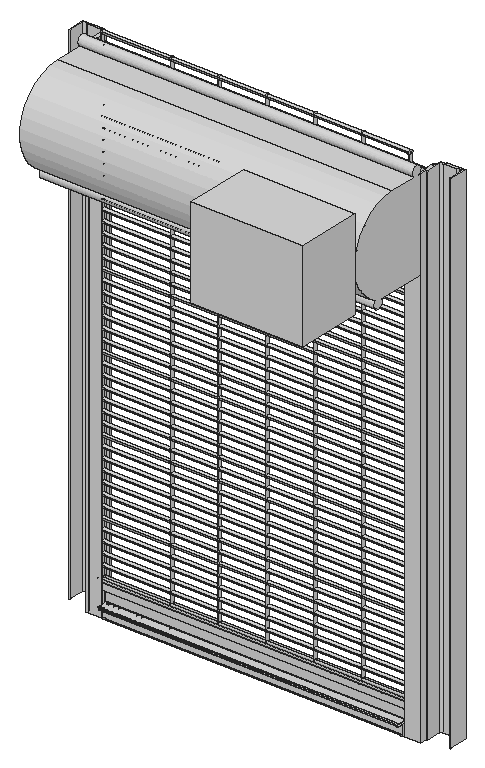
Revit family
Parameters (values of type "Motor Operated, Aluminium (Mill Finish), 9" Vertical Spacing")
  Spec Wizard = "http://www.clopaydoor.com/Quick-Specs-Wizard.aspx"
  Sizing Disclaimer = "Openings up to 40’ wide x 20’ high standard construction. Consult Clopay for larger sizes. "  # constant formula
  Sales Information = "http://www.clopaydoor.com/where-to-buy.aspx?type=dealer&stype=commercial"
  Product Options = "Open Curtain Brick Pattern, Glazed Curtain, Injection molded link curtain. High Cycle Construction (>20/day)"  # constant formula
  Product Features and Benefits = "http://www.clopaydoor.com/sliding-applications.aspx"
  Motor = yes
  Manufacturer Website = "http://www.clopaydoor.com"
  Manufacturer Phone Number = "1-800-526-4301"
  Manufacturer Address = "1400 W. Market St., Troy, OH 45373"
  Hood Width = Width - (2 * 0' 10")  # 4' - 4"
  Hand Crank = no
  Function = (empty or 0)
  File Revision = "00 (Feb, 2011)"
  Curtain Rods 2In OC Standard = Aluminum, mill finish
  CAD and Specifications = "http://www.clopaydoor.com/sliding-specs.aspx"
  Bottom Bar = Aluminum, mill finish
  Guides = Aluminum, mill finish
  Hood = Aluminum, mill finish
  Mounting = "Between Jambs"  # constant formula
  Wall Construction = "Self supporting tubes, Masonry, Steel or Wood"  # constant formula
  Vertical Spacing = 0' - 2"  # constant formula
  URL = "http://www.clopaydoor.com"
  Subcategory = "Roll Up"
  Shutter Width = Width - 2 * 0' 7"  # 4' - 10"
  Shutter Height = Height - 0' 4 205/256"  # 7' - 7 51/256"
  Optional aluminum, color anodized finish = no
  Operator Height = 5' - 4"
  Operator = Operator : Motor Operator
  Horizontal Spacing = if(Curtain Spacing Vertical Chains 3In OC, 0' 3", if(Curtain Spacing Vertical Chains 6In OC, 0' 6", 0' 9"))  # 0' - 9"
  Operation = ""
  From Coil Side Operate on Right = yes
  From Coil Side Operate on Left = not(From Coil Side Operate on Right)  # no
  Curtain Spacing Vertical Chains 9In OC = yes
  Curtain Spacing Vertical Chains 6In OC = no
  Curtain Spacing Vertical Chains 3In OC = no
  Model = "CESG10"  # constant formula
  Manufacturer = "Clopay Building Products Company"  # constant formula
  Height = 8' - 0"
  Wall Closure = (empty or 0)
  Width = 6' - 0"
  Description = "Built to order, open curtain grilles provide security, visual access of separated areas."  # constant formula
  Construction Type = ""
  Assembly Code = "B2030410"
  95 CSI = "08330"  # constant formula
  Coil Dimension Note = "13” to 20” - Consult Clopay when dimensions are critical."  # constant formula
  Jamb Dimension Note = "5” to 6 1/2” wide. Consult Clopay when dimensions are critical. "  # constant formula
  04 CSI = "08 33 00"  # constant formula
  # Of Shutters = (Shutter Height / Vertical Spacing)  # 46
Reference planes (in)
  plane 1 "Center (Front/Back)": y = 0
  plane 2 "Center (Left/Right)": x = 36
  plane 3 "Left": x = 0
  plane 4 "Right": x = 72
  plane 5 "Top": z = 96
  plane 6 "Wall Edge": y = -4.25
  plane 7: y = -4.25
  plane 8 "Top of Hood": z = 118.35156
  plane 9: y = -17.875
  plane 10: z = 101
  plane 11: z = 4.39975
  plane 12: y = -2.37013
  plane 13: x = 6.25135
  plane 14: x = 65.74865
  plane 15: x = 4.9375
  plane 16: z = 4.39975
  plane 17: y = -2.375
  plane 18: x = 4.5
  plane 19: x = 67.5
  plane 20 "12": y = -3.38513
  plane 21: z = 6.41361
  plane 22: z = 10.41361
Forms (in)
  Sweep 1, solid, material "Aluminum, mill finish" <- "Guides"
    path origin (0, -3.38513, 0) x (-1, 0, 0) y (0, 0, 1)
      loop
        line (-64.25, 0) -> (-7.75, 0)
    profile "Profile_BottomBar : Profile_BottomBar" origin (36, -3.38513, 0) x (0, 0, 1) y (0, 1, 0)
      loop
        arc (2.58725, 0.14) -> (2.54306, 0.15831) -> (2.52475, 0.2025) r 0.0625
        line (2.52475, 0.2025) -> (2.52475, 1.9525)
        arc (2.52475, 1.9525) -> (2.50644, 1.99669) -> (2.46225, 2.015) r 0.0625
        line (2.46225, 2.015) -> (2.39975, 2.015) -> (2.39975, 0.015) -> (2.33875, 0.015) -> (2.33875, 0.157)
        arc (2.33875, 0.157) -> (2.24825, 0.2475) -> (2.15775, 0.157) r 0.0905
        line (2.15775, 0.157) -> (2.15775, 0.0625) -> (2.09375, 0.0625) -> (2.09375, 1.84625) -> (1.96875, 1.84625) -> (1.96875, 1.09625)
        arc (1.96875, 1.09625) -> (1.93214, 1.00786) -> (1.84375, 0.97125) r 0.125
        line (1.84375, 0.97125) -> (0.25, 0.97125)
        arc (0.25, 0.97125) -> (0.07322, 0.89803) -> (0, 0.72125) r 0.25
        line (0, 0.72125) -> (0, -0.77875)
        arc (0, -0.77875) -> (0.07322, -0.95553) -> (0.25, -1.02875) r 0.25
        line (0.25, -1.02875) -> (1.84375, -1.02875)
        arc (1.84375, -1.02875) -> (1.93214, -1.06536) -> (1.96875, -1.15375) r 0.125
        line (1.96875, -1.15375) -> (1.96875, -1.90375) -> (2.09375, -1.90375) -> (2.09375, -0.0625) -> (2.15775, -0.0625) -> (2.15775, -0.157)
        arc (2.15775, -0.157) -> (2.24825, -0.2475) -> (2.33875, -0.157) r 0.0905
        line (2.33875, -0.157) -> (2.33875, -0.015) -> (2.39975, -0.015) -> (2.39975, -2.015) -> (2.46225, -2.015)
        arc (2.46225, -2.015) -> (2.50644, -1.99669) -> (2.52475, -1.9525) r 0.0625
        line (2.52475, -1.9525) -> (2.52475, -0.2025)
        arc (2.52475, -0.2025) -> (2.54306, -0.15831) -> (2.58725, -0.14) r 0.0625
        line (2.58725, -0.14) -> (4.33725, -0.14)
        arc (4.33725, -0.14) -> (4.38144, -0.12169) -> (4.39975, -0.0775) r 0.0625
        line (4.39975, -0.0775) -> (4.39975, 0.0775)
        arc (4.39975, 0.0775) -> (4.38144, 0.12169) -> (4.33725, 0.14) r 0.0625
        line (4.33725, 0.14) -> (2.58725, 0.14)
  Extrusion 2, solid, material "Aluminum, mill finish" <- "Hood"
    sketch origin (0, -1.37018, 101.99245) x (1, 0, 0) y (0, 1, 0)
      loop
        line (4.9375, -1.00482) -> (67.0625, -1.00482) -> (67.0625, -0.87982) -> (4.9375, -0.87982) -> (4.9375, -1.00482)
    from -24 to -5.99245
  Sweep 3, solid, material "Aluminum, mill finish" <- "Guides"
    path origin (0, -3.38513, 0) x (-1, 0, 0) y (0, 0, 1)
      loop
        line (-72, 96) -> (-72, 0)
    profile "Guide-Profile : Guide-Profile" origin (72, -3.38513, 48) x (-1, 0, 0) y (0, 1, 0)
      loop
        arc (1, 3.88514) -> (1.07322, 3.70837) -> (1.25, 3.63514) r 0.25
        line (1.25, 3.63514) -> (3.875, 3.63514)
        arc (3.875, 3.63514) -> (4.14017, 3.52531) -> (4.25, 3.26014) r 0.375
        line (4.25, 3.26014) -> (4.25, 0.63514)
        arc (4.25, 0.63514) -> (4.32322, 0.45837) -> (4.5, 0.38514) r 0.25
        line (4.5, 0.38514) -> (4.5, -0.86486) -> (7.5, -0.86486)
        arc (7.5, -0.86486) -> (7.42678, -0.68808) -> (7.25, -0.61486) r 0.25
        line (7.25, -0.61486) -> (5.125, -0.61486)
        arc (5.125, -0.61486) -> (4.85983, -0.50502) -> (4.75, -0.23986) r 0.375
        line (4.75, -0.23986) -> (4.75, 0.82314) -> (6.25, 0.82314) -> (6.25, 0.44764) -> (7, 0.44764) -> (7, 0.82314) -> (7.75, 0.82314)
        arc (7.75, 0.82314) -> (7.69508, 0.95573) -> (7.5625, 1.01064) r 0.1875
        line (7.5625, 1.01064) -> (5.25, 1.01064)
        arc (5.25, 1.01064) -> (5.02903, 1.10217) -> (4.9375, 1.32314) r 0.3125
        line (4.9375, 1.32314) -> (4.9375, 2.63564)
        arc (4.9375, 2.63564) -> (4.88258, 2.76823) -> (4.75, 2.82314) r 0.1875
        line (4.75, 2.82314) -> (4.75, 2.38514)
        arc (4.75, 2.38514) -> (4.67678, 2.56192) -> (4.5, 2.63514) r 0.25
        line (4.5, 2.63514) -> (4.5, 3.88514) -> (3.25, 3.88514)
        arc (3.25, 3.88514) -> (3.42678, 3.95837) -> (3.5, 4.13514) r 0.25
        line (3.5, 4.13514) -> (0, 4.13514) -> (0, 0.63514)
        arc (0, 0.63514) -> (0.17678, 0.70837) -> (0.25, 0.88514) r 0.25
        line (0.25, 0.88514) -> (0.25, 3.51014)
        arc (0.25, 3.51014) -> (0.35983, 3.77531) -> (0.625, 3.88514) r 0.375
        line (0.625, 3.88514) -> (1, 3.88514)
  Sweep 4, solid, material "Aluminum, mill finish" <- "Guides"
    path origin (72, -3.38513, 0) x (1, 0, 0) y (0, 0, 1)
      loop
        line (-72, 96) -> (-72, 0)
    profile "Guide-Profile : Guide-Profile" origin (0, -3.38513, 48) x (-1, 0, 0) y (0, 1, 0)
      loop
        line (-1, 3.88514) -> (-0.625, 3.88514)
        arc (-0.625, 3.88514) -> (-0.35983, 3.77531) -> (-0.25, 3.51014) r 0.375
        line (-0.25, 3.51014) -> (-0.25, 0.88514)
        arc (-0.25, 0.88514) -> (-0.17678, 0.70837) -> (0, 0.63514) r 0.25
        line (0, 0.63514) -> (0, 4.13514) -> (-3.5, 4.13514)
        arc (-3.5, 4.13514) -> (-3.42678, 3.95837) -> (-3.25, 3.88514) r 0.25
        line (-3.25, 3.88514) -> (-4.5, 3.88514) -> (-4.5, 2.63514)
        arc (-4.5, 2.63514) -> (-4.67678, 2.56192) -> (-4.75, 2.38514) r 0.25
        line (-4.75, 2.38514) -> (-4.75, 2.82314)
        arc (-4.75, 2.82314) -> (-4.88258, 2.76823) -> (-4.9375, 2.63564) r 0.1875
        line (-4.9375, 2.63564) -> (-4.9375, 1.32314)
        arc (-4.9375, 1.32314) -> (-5.02903, 1.10217) -> (-5.25, 1.01064) r 0.3125
        line (-5.25, 1.01064) -> (-7.5625, 1.01064)
        arc (-7.5625, 1.01064) -> (-7.69508, 0.95573) -> (-7.75, 0.82314) r 0.1875
        line (-7.75, 0.82314) -> (-7, 0.82314) -> (-7, 0.44764) -> (-6.25, 0.44764) -> (-6.25, 0.82314) -> (-4.75, 0.82314) -> (-4.75, -0.23986)
        arc (-4.75, -0.23986) -> (-4.85983, -0.50502) -> (-5.125, -0.61486) r 0.375
        line (-5.125, -0.61486) -> (-7.25, -0.61486)
        arc (-7.25, -0.61486) -> (-7.42678, -0.68808) -> (-7.5, -0.86486) r 0.25
        line (-7.5, -0.86486) -> (-4.5, -0.86486) -> (-4.5, 0.38514)
        arc (-4.5, 0.38514) -> (-4.32322, 0.45837) -> (-4.25, 0.63514) r 0.25
        line (-4.25, 0.63514) -> (-4.25, 3.26014)
        arc (-4.25, 3.26014) -> (-4.14017, 3.52531) -> (-3.875, 3.63514) r 0.375
        line (-3.875, 3.63514) -> (-1.25, 3.63514)
        arc (-1.25, 3.63514) -> (-1.07322, 3.70837) -> (-1, 3.88514) r 0.25
  Sweep 5, solid, material "Aluminum, mill finish" <- "Bottom Bar"
    path origin (66.25, -3.38513, 120) x (-1, 0, 0) y (0, 0, 1)
      loop
        line (0.50135, -115.60025) -> (59.99865, -115.60025)
    profile "Profile-Sill : Profile-Sill" origin (36, -3.38513, 4.39975) x (0, 0, 1) y (0, 1, 0)
      loop
        line (0, -0.40545) -> (1.2138, -0.40545) -> (1.30422, -0.38455) -> (1.81639, -0.38455)
        arc (1.81639, -0.38455) -> (2.05512, -0.42355) -> (2.27526, -0.32327) r 0.41644
        line (2.27526, -0.32327) -> (2.22428, -0.32327)
        arc (2.22428, -0.32327) -> (1.63688, -0.01077) -> (2.22428, 0.30173) r 0.37683
        line (2.22428, 0.30173) -> (2.27526, 0.30173)
        arc (2.27526, 0.30173) -> (2.14079, 0.38115) -> (1.98652, 0.40545) r 0.41644
        line (1.98652, 0.40545) -> (0, 0.40545) -> (0, -0.40545)
Lines and regions (in)
  Opening 1
    outline origin (-90, -4.25, 0) x (1, 0, 0) y (0, 0, 1)
      loop
        line (90, 0) -> (162, 0) -> (162, 96) -> (90, 96) -> (90, 0)
  symbolic lines, style "Roller Chamber"
    curve 1: line (0, -4.25, 0) -> (4.5, -4.25, 0)
    curve 2: line (72, -4.25, 0) -> (67.5, -4.25, 0)
Text (in)
  text "Exterior" at (-74.96733, 27.31104, 0), in view "Ref. Level"
  text "Interior" at (-74.96733, -25.14366, 0), in view "Ref. Level"
  text "Exterior" at (0, 40.15149, 123.01588), in view "Right"
  text "Interior" at (0, -64.39139, 123.01588), in view "Right"
  text "Interior" at (0, -63.63426, 123.00693), in view "Left"
  text "Exterior" at (0, 54.57065, 123.00693), in view "Left"
Dimensions and locks (in)
  equal spacing: plane 3 "Left", plane 2 "Center (Left/Right)", plane 4 "Right"
  "Height": level to plane 5 "Top"
  "Width": plane 3 "Left" to plane 4 "Right"
  locked: plane 7 to plane 6 "Wall Edge"
  locked: plane 10 to plane 5 "Top" at 5
  locked: plane 8 "Top of Hood" to plane 10 at 17.35156
  locked: level to plane 11 at 4.39975
  locked: plane 12 to host wall at 2.12013
  locked: plane 3 "Left" to plane 13 at 6.25135
  locked: plane 14 to plane 4 "Right" at 6.25135
  locked: Extrusion 2 sketch curve to Extrusion 2 sketch curve at 0.125
  locked: Extrusion 2 to Extrusion 2 at 0.125
  locked: plane 15 to plane 13 at 1.31385
  locked: level to plane 16 at 4.39975
  locked: Extrusion 2 to Extrusion 2 at 18.00755
  locked: plane 17 to host wall at 1.875
  locked: plane 6 "Wall Edge" to plane 9 at 13.625
  locked: plane 3 "Left" to plane 18 at 4.5
  locked: plane 19 to plane 4 "Right" at 4.5
  locked: plane 20 "12" to plane 6 "Wall Edge" at 0.86487
  plane 17 to plane 6 "Wall Edge" = 0' - 1 7/8"
  locked: plane 21 to level at 6.41361
  equal spacing: group 1, group 2, group 3, group 4, group 5, group 6, group 7, group 8, group 9, group 10, group 11, group 12, group 13, group 14, group 15, group 16, group 17, group 18, group 19, group 20, group 21, group 22, group 23, group 24, group 25, group 26, group 27, group 28, group 29, group 30, group 31, group 32, group 33, group 34, group 35, group 36, group 37, group 38, group 39, group 40, group 41, group 42, group 43, group 44, group 45, group 46  (x3)
  locked: level to plane 22 at 10.41361
  aligned and locked: plane 3 "Left" to Opening 1 sketch curve
  aligned and locked: plane 5 "Top" to Opening 1 sketch curve  (x2)
  aligned and locked: Opening 1 sketch curve to plane 4 "Right"
  aligned and locked: Opening 1 sketch curve to level
  aligned and locked: plane 6 "Wall Edge" to host wall
  aligned and locked: host wall to Extrusion 2
  aligned and locked: nested 1 to plane 5 "Top"
  aligned and locked: nested 1 to plane 2 "Center (Left/Right)"
  aligned and locked: plane 3 "Left" to curve 1
  aligned and locked: curve 1 to plane 6 "Wall Edge"
  aligned and locked: plane 4 "Right" to curve 2
  aligned and locked: plane 6 "Wall Edge" to curve 2
  aligned and locked: Extrusion 2 to plane 17
  aligned and locked: plane 19 to curve 2
  aligned and locked: plane 18 to curve 1
  aligned and locked: nested 1 to host wall
  aligned and locked: Sweep 3 sketch curve to plane 4 "Right"
  aligned and locked: plane 5 "Top" to Sweep 3 sketch curve
  aligned and locked: plane 5 "Top" to Sweep 4 sketch curve
  aligned and locked: Sweep 4 sketch curve to plane 3 "Left"
  aligned and locked: level to Sweep 3 sketch curve
  aligned and locked: level to Sweep 4 sketch curve
  aligned and locked: Sweep 5 sketch curve to plane 16
  aligned and locked: nested 2 to plane 20 "12"
  aligned and locked: nested 2 to plane 21
  aligned and locked: nested 3 to plane 2 "Center (Left/Right)"
  aligned and locked: nested 3 to plane 20 "12"
  aligned and locked: nested 3 to plane 22
  aligned and locked: plane 13 to Sweep 5 sketch curve
  aligned and locked: Sweep 5 sketch curve to plane 14
Automatic sketch dimensions
  Sweep 1 sketch curve to level = 0' - 0"
  Sweep 1 sketch curve to plane 14 = 0' - 1.49865"
  Sweep 1 sketch curve to plane 13 = 0' - 1.49865"
  Extrusion 2 sketch curve to plane 15 = 0' - 0"
  Extrusion 2 sketch curve to plane 17 = 0' - 0"
  plane 19 to Extrusion 2 sketch curve = 0' - 0 7/16"
Nested families (in)
  nested 1: "Operator" at (36, -12.75, -8.49623), type <- "Operator", type "Motor Operator"
  nested 2: "Nested Gard Horizontal" at (8.77793, -3.38513, 9.81986), Shutter Material <- "Curtain Rods 2In OC Standard", Distance Horizontal Placement <- "Horizontal Spacing", type "Nested Gard Horizontal"
    with Shutter Material Aluminum, mill finish, No Of Stuts 6, Distance Horizontal Placement 0' - 9", Width 4' - 10"
  nested 3: "Nested Gard Horizontal" at (8.77793, -3.38513, 11.81986), Shutter Material <- "Curtain Rods 2In OC Standard", Distance Horizontal Placement <- "Horizontal Spacing", type "Nested Gard Horizontal"
    with Shutter Material Aluminum, mill finish, No Of Stuts 6, Distance Horizontal Placement 0' - 9", Width 4' - 10"
  nested 4: "Nested Gard Horizontal" at (8.77793, -3.38513, 13.81986), Shutter Material <- "Curtain Rods 2In OC Standard", Distance Horizontal Placement <- "Horizontal Spacing", type "Nested Gard Horizontal"
    with Shutter Material Aluminum, mill finish, No Of Stuts 6, Distance Horizontal Placement 0' - 9", Width 4' - 10"
  nested 5: "Nested Gard Horizontal" at (8.77793, -3.38513, 15.81986), Shutter Material <- "Curtain Rods 2In OC Standard", Distance Horizontal Placement <- "Horizontal Spacing", type "Nested Gard Horizontal"
    with Shutter Material Aluminum, mill finish, No Of Stuts 6, Distance Horizontal Placement 0' - 9", Width 4' - 10"
  nested 6: "Nested Gard Horizontal" at (8.77793, -3.38513, 17.81986), Shutter Material <- "Curtain Rods 2In OC Standard", Distance Horizontal Placement <- "Horizontal Spacing", type "Nested Gard Horizontal"
    with Shutter Material Aluminum, mill finish, No Of Stuts 6, Distance Horizontal Placement 0' - 9", Width 4' - 10"
  nested 7: "Nested Gard Horizontal" at (8.77793, -3.38513, 19.81986), Shutter Material <- "Curtain Rods 2In OC Standard", Distance Horizontal Placement <- "Horizontal Spacing", type "Nested Gard Horizontal"
    with Shutter Material Aluminum, mill finish, No Of Stuts 6, Distance Horizontal Placement 0' - 9", Width 4' - 10"
  nested 8: "Nested Gard Horizontal" at (8.77793, -3.38513, 21.81986), Shutter Material <- "Curtain Rods 2In OC Standard", Distance Horizontal Placement <- "Horizontal Spacing", type "Nested Gard Horizontal"
    with Shutter Material Aluminum, mill finish, No Of Stuts 6, Distance Horizontal Placement 0' - 9", Width 4' - 10"
  nested 9: "Nested Gard Horizontal" at (8.77793, -3.38513, 23.81986), Shutter Material <- "Curtain Rods 2In OC Standard", Distance Horizontal Placement <- "Horizontal Spacing", type "Nested Gard Horizontal"
    with Shutter Material Aluminum, mill finish, No Of Stuts 6, Distance Horizontal Placement 0' - 9", Width 4' - 10"
  nested 10: "Nested Gard Horizontal" at (8.77793, -3.38513, 25.81986), Shutter Material <- "Curtain Rods 2In OC Standard", Distance Horizontal Placement <- "Horizontal Spacing", type "Nested Gard Horizontal"
    with Shutter Material Aluminum, mill finish, No Of Stuts 6, Distance Horizontal Placement 0' - 9", Width 4' - 10"
  nested 11: "Nested Gard Horizontal" at (8.77793, -3.38513, 27.81986), Shutter Material <- "Curtain Rods 2In OC Standard", Distance Horizontal Placement <- "Horizontal Spacing", type "Nested Gard Horizontal"
    with Shutter Material Aluminum, mill finish, No Of Stuts 6, Distance Horizontal Placement 0' - 9", Width 4' - 10"
  nested 12: "Nested Gard Horizontal" at (8.77793, -3.38513, 29.81986), Shutter Material <- "Curtain Rods 2In OC Standard", Distance Horizontal Placement <- "Horizontal Spacing", type "Nested Gard Horizontal"
    with Shutter Material Aluminum, mill finish, No Of Stuts 6, Distance Horizontal Placement 0' - 9", Width 4' - 10"
  nested 13: "Nested Gard Horizontal" at (8.77793, -3.38513, 31.81986), Shutter Material <- "Curtain Rods 2In OC Standard", Distance Horizontal Placement <- "Horizontal Spacing", type "Nested Gard Horizontal"
    with Shutter Material Aluminum, mill finish, No Of Stuts 6, Distance Horizontal Placement 0' - 9", Width 4' - 10"
  nested 14: "Nested Gard Horizontal" at (8.77793, -3.38513, 33.81986), Shutter Material <- "Curtain Rods 2In OC Standard", Distance Horizontal Placement <- "Horizontal Spacing", type "Nested Gard Horizontal"
    with Shutter Material Aluminum, mill finish, No Of Stuts 6, Distance Horizontal Placement 0' - 9", Width 4' - 10"
  nested 15: "Nested Gard Horizontal" at (8.77793, -3.38513, 35.81986), Shutter Material <- "Curtain Rods 2In OC Standard", Distance Horizontal Placement <- "Horizontal Spacing", type "Nested Gard Horizontal"
    with Shutter Material Aluminum, mill finish, No Of Stuts 6, Distance Horizontal Placement 0' - 9", Width 4' - 10"
  nested 16: "Nested Gard Horizontal" at (8.77793, -3.38513, 37.81986), Shutter Material <- "Curtain Rods 2In OC Standard", Distance Horizontal Placement <- "Horizontal Spacing", type "Nested Gard Horizontal"
    with Shutter Material Aluminum, mill finish, No Of Stuts 6, Distance Horizontal Placement 0' - 9", Width 4' - 10"
  nested 17: "Nested Gard Horizontal" at (8.77793, -3.38513, 39.81986), Shutter Material <- "Curtain Rods 2In OC Standard", Distance Horizontal Placement <- "Horizontal Spacing", type "Nested Gard Horizontal"
    with Shutter Material Aluminum, mill finish, No Of Stuts 6, Distance Horizontal Placement 0' - 9", Width 4' - 10"
  nested 18: "Nested Gard Horizontal" at (8.77793, -3.38513, 41.81986), Shutter Material <- "Curtain Rods 2In OC Standard", Distance Horizontal Placement <- "Horizontal Spacing", type "Nested Gard Horizontal"
    with Shutter Material Aluminum, mill finish, No Of Stuts 6, Distance Horizontal Placement 0' - 9", Width 4' - 10"
  nested 19: "Nested Gard Horizontal" at (8.77793, -3.38513, 43.81986), Shutter Material <- "Curtain Rods 2In OC Standard", Distance Horizontal Placement <- "Horizontal Spacing", type "Nested Gard Horizontal"
    with Shutter Material Aluminum, mill finish, No Of Stuts 6, Distance Horizontal Placement 0' - 9", Width 4' - 10"
  nested 20: "Nested Gard Horizontal" at (8.77793, -3.38513, 45.81986), Shutter Material <- "Curtain Rods 2In OC Standard", Distance Horizontal Placement <- "Horizontal Spacing", type "Nested Gard Horizontal"
    with Shutter Material Aluminum, mill finish, No Of Stuts 6, Distance Horizontal Placement 0' - 9", Width 4' - 10"
  nested 21: "Nested Gard Horizontal" at (8.77793, -3.38513, 47.81986), Shutter Material <- "Curtain Rods 2In OC Standard", Distance Horizontal Placement <- "Horizontal Spacing", type "Nested Gard Horizontal"
    with Shutter Material Aluminum, mill finish, No Of Stuts 6, Distance Horizontal Placement 0' - 9", Width 4' - 10"
  nested 22: "Nested Gard Horizontal" at (8.77793, -3.38513, 49.81986), Shutter Material <- "Curtain Rods 2In OC Standard", Distance Horizontal Placement <- "Horizontal Spacing", type "Nested Gard Horizontal"
    with Shutter Material Aluminum, mill finish, No Of Stuts 6, Distance Horizontal Placement 0' - 9", Width 4' - 10"
  nested 23: "Nested Gard Horizontal" at (8.77793, -3.38513, 51.81986), Shutter Material <- "Curtain Rods 2In OC Standard", Distance Horizontal Placement <- "Horizontal Spacing", type "Nested Gard Horizontal"
    with Shutter Material Aluminum, mill finish, No Of Stuts 6, Distance Horizontal Placement 0' - 9", Width 4' - 10"
  nested 24: "Nested Gard Horizontal" at (8.77793, -3.38513, 53.81986), Shutter Material <- "Curtain Rods 2In OC Standard", Distance Horizontal Placement <- "Horizontal Spacing", type "Nested Gard Horizontal"
    with Shutter Material Aluminum, mill finish, No Of Stuts 6, Distance Horizontal Placement 0' - 9", Width 4' - 10"
  nested 25: "Nested Gard Horizontal" at (8.77793, -3.38513, 55.81986), Shutter Material <- "Curtain Rods 2In OC Standard", Distance Horizontal Placement <- "Horizontal Spacing", type "Nested Gard Horizontal"
    with Shutter Material Aluminum, mill finish, No Of Stuts 6, Distance Horizontal Placement 0' - 9", Width 4' - 10"
  nested 26: "Nested Gard Horizontal" at (8.77793, -3.38513, 57.81986), Shutter Material <- "Curtain Rods 2In OC Standard", Distance Horizontal Placement <- "Horizontal Spacing", type "Nested Gard Horizontal"
    with Shutter Material Aluminum, mill finish, No Of Stuts 6, Distance Horizontal Placement 0' - 9", Width 4' - 10"
  nested 27: "Nested Gard Horizontal" at (8.77793, -3.38513, 59.81986), Shutter Material <- "Curtain Rods 2In OC Standard", Distance Horizontal Placement <- "Horizontal Spacing", type "Nested Gard Horizontal"
    with Shutter Material Aluminum, mill finish, No Of Stuts 6, Distance Horizontal Placement 0' - 9", Width 4' - 10"
  nested 28: "Nested Gard Horizontal" at (8.77793, -3.38513, 61.81986), Shutter Material <- "Curtain Rods 2In OC Standard", Distance Horizontal Placement <- "Horizontal Spacing", type "Nested Gard Horizontal"
    with Shutter Material Aluminum, mill finish, No Of Stuts 6, Distance Horizontal Placement 0' - 9", Width 4' - 10"
  nested 29: "Nested Gard Horizontal" at (8.77793, -3.38513, 63.81986), Shutter Material <- "Curtain Rods 2In OC Standard", Distance Horizontal Placement <- "Horizontal Spacing", type "Nested Gard Horizontal"
    with Shutter Material Aluminum, mill finish, No Of Stuts 6, Distance Horizontal Placement 0' - 9", Width 4' - 10"
  nested 30: "Nested Gard Horizontal" at (8.77793, -3.38513, 65.81986), Shutter Material <- "Curtain Rods 2In OC Standard", Distance Horizontal Placement <- "Horizontal Spacing", type "Nested Gard Horizontal"
    with Shutter Material Aluminum, mill finish, No Of Stuts 6, Distance Horizontal Placement 0' - 9", Width 4' - 10"
  nested 31: "Nested Gard Horizontal" at (8.77793, -3.38513, 67.81986), Shutter Material <- "Curtain Rods 2In OC Standard", Distance Horizontal Placement <- "Horizontal Spacing", type "Nested Gard Horizontal"
    with Shutter Material Aluminum, mill finish, No Of Stuts 6, Distance Horizontal Placement 0' - 9", Width 4' - 10"
  nested 32: "Nested Gard Horizontal" at (8.77793, -3.38513, 69.81986), Shutter Material <- "Curtain Rods 2In OC Standard", Distance Horizontal Placement <- "Horizontal Spacing", type "Nested Gard Horizontal"
    with Shutter Material Aluminum, mill finish, No Of Stuts 6, Distance Horizontal Placement 0' - 9", Width 4' - 10"
  nested 33: "Nested Gard Horizontal" at (8.77793, -3.38513, 71.81986), Shutter Material <- "Curtain Rods 2In OC Standard", Distance Horizontal Placement <- "Horizontal Spacing", type "Nested Gard Horizontal"
    with Shutter Material Aluminum, mill finish, No Of Stuts 6, Distance Horizontal Placement 0' - 9", Width 4' - 10"
  nested 34: "Nested Gard Horizontal" at (8.77793, -3.38513, 73.81986), Shutter Material <- "Curtain Rods 2In OC Standard", Distance Horizontal Placement <- "Horizontal Spacing", type "Nested Gard Horizontal"
    with Shutter Material Aluminum, mill finish, No Of Stuts 6, Distance Horizontal Placement 0' - 9", Width 4' - 10"
  nested 35: "Nested Gard Horizontal" at (8.77793, -3.38513, 75.81986), Shutter Material <- "Curtain Rods 2In OC Standard", Distance Horizontal Placement <- "Horizontal Spacing", type "Nested Gard Horizontal"
    with Shutter Material Aluminum, mill finish, No Of Stuts 6, Distance Horizontal Placement 0' - 9", Width 4' - 10"
  nested 36: "Nested Gard Horizontal" at (8.77793, -3.38513, 77.81986), Shutter Material <- "Curtain Rods 2In OC Standard", Distance Horizontal Placement <- "Horizontal Spacing", type "Nested Gard Horizontal"
    with Shutter Material Aluminum, mill finish, No Of Stuts 6, Distance Horizontal Placement 0' - 9", Width 4' - 10"
  nested 37: "Nested Gard Horizontal" at (8.77793, -3.38513, 79.81986), Shutter Material <- "Curtain Rods 2In OC Standard", Distance Horizontal Placement <- "Horizontal Spacing", type "Nested Gard Horizontal"
    with Shutter Material Aluminum, mill finish, No Of Stuts 6, Distance Horizontal Placement 0' - 9", Width 4' - 10"
  nested 38: "Nested Gard Horizontal" at (8.77793, -3.38513, 81.81986), Shutter Material <- "Curtain Rods 2In OC Standard", Distance Horizontal Placement <- "Horizontal Spacing", type "Nested Gard Horizontal"
    with Shutter Material Aluminum, mill finish, No Of Stuts 6, Distance Horizontal Placement 0' - 9", Width 4' - 10"
  nested 39: "Nested Gard Horizontal" at (8.77793, -3.38513, 83.81986), Shutter Material <- "Curtain Rods 2In OC Standard", Distance Horizontal Placement <- "Horizontal Spacing", type "Nested Gard Horizontal"
    with Shutter Material Aluminum, mill finish, No Of Stuts 6, Distance Horizontal Placement 0' - 9", Width 4' - 10"
  nested 40: "Nested Gard Horizontal" at (8.77793, -3.38513, 85.81986), Shutter Material <- "Curtain Rods 2In OC Standard", Distance Horizontal Placement <- "Horizontal Spacing", type "Nested Gard Horizontal"
    with Shutter Material Aluminum, mill finish, No Of Stuts 6, Distance Horizontal Placement 0' - 9", Width 4' - 10"
  nested 41: "Nested Gard Horizontal" at (8.77793, -3.38513, 87.81986), Shutter Material <- "Curtain Rods 2In OC Standard", Distance Horizontal Placement <- "Horizontal Spacing", type "Nested Gard Horizontal"
    with Shutter Material Aluminum, mill finish, No Of Stuts 6, Distance Horizontal Placement 0' - 9", Width 4' - 10"
  nested 42: "Nested Gard Horizontal" at (8.77793, -3.38513, 89.81986), Shutter Material <- "Curtain Rods 2In OC Standard", Distance Horizontal Placement <- "Horizontal Spacing", type "Nested Gard Horizontal"
    with Shutter Material Aluminum, mill finish, No Of Stuts 6, Distance Horizontal Placement 0' - 9", Width 4' - 10"
  nested 43: "Nested Gard Horizontal" at (8.77793, -3.38513, 91.81986), Shutter Material <- "Curtain Rods 2In OC Standard", Distance Horizontal Placement <- "Horizontal Spacing", type "Nested Gard Horizontal"
    with Shutter Material Aluminum, mill finish, No Of Stuts 6, Distance Horizontal Placement 0' - 9", Width 4' - 10"
  nested 44: "Nested Gard Horizontal" at (8.77793, -3.38513, 93.81986), Shutter Material <- "Curtain Rods 2In OC Standard", Distance Horizontal Placement <- "Horizontal Spacing", type "Nested Gard Horizontal"
    with Shutter Material Aluminum, mill finish, No Of Stuts 6, Distance Horizontal Placement 0' - 9", Width 4' - 10"
  nested 45: "Nested Gard Horizontal" at (8.77793, -3.38513, 95.81986), Shutter Material <- "Curtain Rods 2In OC Standard", Distance Horizontal Placement <- "Horizontal Spacing", type "Nested Gard Horizontal"
    with Shutter Material Aluminum, mill finish, No Of Stuts 6, Distance Horizontal Placement 0' - 9", Width 4' - 10"
  nested 46: "Nested Gard Horizontal" at (8.77793, -3.38513, 97.81986), Shutter Material <- "Curtain Rods 2In OC Standard", Distance Horizontal Placement <- "Horizontal Spacing", type "Nested Gard Horizontal"
    with Shutter Material Aluminum, mill finish, No Of Stuts 6, Distance Horizontal Placement 0' - 9", Width 4' - 10"
  nested 47: "Nested Gard Horizontal" at (8.77793, -3.38513, 99.81986), Shutter Material <- "Curtain Rods 2In OC Standard", Distance Horizontal Placement <- "Horizontal Spacing", type "Nested Gard Horizontal"
    with Shutter Material Aluminum, mill finish, No Of Stuts 6, Distance Horizontal Placement 0' - 9", Width 4' - 10"
Definition of nested family "Operator"
  Parameters (values of type "Motor Operator")
    Width = 4' - 4"
    Roller Chamber = Aluminum, mill finish
    Right Motor Visible = not(Motor)  # no
    Right = yes
    Pull = no
    Operator Height = Height / 1.5  # 5' - 4"
    Motor = yes
    Material = Aluminum, mill finish
    Line = no
    Left Motor Visible = not(Motor)  # no
    Left = no
    Height = 8' - 0"
    Hand Crank = no
    Bottom Bar = Aluminum, mill finish
    Assembly Code = ""
  Types (3): name | Right Motor Visible | Pull | Motor | Line | Left Motor Visible | Left | Hand Crank
    Hand-Crank | yes | no | no | yes | yes | no | yes
    Push-UP | yes | yes | no | yes | yes | yes | no
    Motor Operator | no | no | yes | no | no | no | no
  Reference planes (in)
    plane 1 "Center (Front/Back)": y = 0
    plane 2: z = 0
    plane 3 "Center (Left/Right)": x = 0
    plane 4: x = -26
    plane 5: x = 26
    plane 6: z = 96
    plane 7: y = 8.5
    plane 8: z = 87.49623
    plane 9: x = -42.75
    plane 10: x = 42.75
    plane 11: y = -27.30859
    plane 12: y = -12
    plane 13: y = 6.625
    plane 14: x = -21.5
    plane 15: x = 21.5
    plane 16: x = -31.5
    plane 17: x = 31.5
    plane 18: y = -7
  Forms (in)
    Sweep 1, solid, material "Aluminum, mill finish" <- "Bottom Bar"
      path origin (-42.75, -180, 87.49623) x (0, -1, 0) y (1, 0, 0)
        loop
          line (-188.5, 11.25) -> (-188.5, 74.25)
      profile "Profile_Hood : Profile_Hood" origin (0, 8.5, 87.49623) x (0, 1, 0) y (0, 0, 1)
        loop
          line (0, 17.00082) -> (-0.66297, 17.00082)
          arc (-0.66297, 17.00082) -> (-0.89238, 18.75273) -> (-1.11545, 17) r 0.89077
          line (-1.11545, 17) -> (-6.66169, 17)
          arc (-6.66169, 17) -> (-15.27701, 10.13452) -> (-10.5078, 0.2041) r 8.83831
          arc (-10.5078, 0.2041) -> (-10.12608, -1.3946) -> (-9.25623, 0) r 0.89077
          line (-9.25623, 0) -> (0, 0) -> (0, 17.00082)
    Sweep 2, solid, material "Aluminum, mill finish" <- "Bottom Bar"
      path origin (-42.75, -180, 87.49623) x (0, -1, 0) y (1, 0, 0)
        loop
          line (-188.5, 11.25) -> (-188.5, 74.25)
      profile "Profile_Hood : Profile_Hood" origin (0, 8.5, 87.49623) x (0, 1, 0) y (0, 0, 1)
        loop
          line (0, 17.00082) -> (-0.66297, 17.00082)
          arc (-0.66297, 17.00082) -> (-0.89238, 18.75273) -> (-1.11545, 17) r 0.89077
          line (-1.11545, 17) -> (-6.66169, 17)
          arc (-6.66169, 17) -> (-15.27701, 10.13452) -> (-10.5078, 0.2041) r 8.83831
          arc (-10.5078, 0.2041) -> (-10.12608, -1.3946) -> (-9.25623, 0) r 0.89077
          line (-9.25623, 0) -> (0, 0) -> (0, 17.00082)
    Sweep 3, solid, material "Aluminum, mill finish" <- "Roller Chamber"
      path origin (-42.75, -180, 87.49623) x (0, -1, 0) y (1, 0, 0)
        loop
          line (-188.5, 11.25) -> (-188.5, 74.25)
      profile "Profile_Hood : Profile_Hood" origin (0, 8.5, 87.49623) x (0, 1, 0) y (0, 0, 1)
        loop
          line (0, 17.00082) -> (-0.66297, 17.00082)
          arc (-0.66297, 17.00082) -> (-0.89238, 18.75273) -> (-1.11545, 17) r 0.89077
          line (-1.11545, 17) -> (-6.66169, 17)
          arc (-6.66169, 17) -> (-15.27701, 10.13452) -> (-10.5078, 0.2041) r 8.83831
          arc (-10.5078, 0.2041) -> (-10.12608, -1.3946) -> (-9.25623, 0) r 0.89077
          line (-9.25623, 0) -> (0, 0) -> (0, 17.00082)
  Lines and regions (in)
    symbolic lines, style "GenericModelHiddenLines"
      curve 1: line (-31.5, 8.5, 0) -> (-31.5, -7, 0)
      curve 3: line (31.5, -7, 0) -> (31.5, 8.5, 0)
    symbolic lines, style "GenericModelHiddenLines", visible <- "Line"
      curve 2: line (-31.5, -7, 0) -> (31.5, -7, 0)
    symbolic lines, style "GenericModelHiddenLines", visible <- "Left"
      curve 4: line (-10.5, -7, 0) -> (31.5, -7, 0)
    symbolic lines, style "GenericModelHiddenLines", visible <- "Right"
      curve 5: line (-31.5, -7, 0) -> (10.5, -7, 0)
    symbolic lines, style "GenericModelHiddenLines", visible <- "Right Motor Visible"
      curve 6: line (10.5, -7, 0) -> (31.5, -7, 0)
    symbolic lines, style "GenericModelHiddenLines", visible <- "Left Motor Visible"
      curve 7: line (-31.5, -7, 0) -> (-10.5, -7, 0)
  Dimensions and locks (in)
    equal spacing: plane 4, plane 3 "Center (Left/Right)", plane 5
    "Width": plane 4 to plane 5
    "Height": plane 6 to level
    locked: plane 7 to plane 1 "Center (Front/Back)" at 8.5
    locked: plane 6 to plane 8 at 8.50377
    locked: plane 7 to plane 11 at 35.80859
    locked: plane 7 to plane 13 at 1.875
    locked: plane 15 to plane 5 at 4.5
    locked: plane 4 to plane 14 at 4.5
    locked: plane 16 to plane 4 at 5.5
    locked: plane 17 to plane 5 at 5.5
    locked: plane 18 to plane 7 at 15.5
    aligned and locked: nested 2 to plane 6
    aligned and locked: plane 7 to Sweep 1 sketch curve
    aligned and locked: Sweep 1 to nested 1
    aligned and locked: nested 2 to Sweep 1
    aligned and locked: plane 7 to Sweep 2 sketch curve
    aligned and locked: plane 7 to Sweep 3 sketch curve
    aligned and locked: plane 6 to nested 1
    aligned and locked: plane 16 to Sweep 2 sketch curve
    aligned and locked: plane 17 to Sweep 2 sketch curve
    aligned and locked: plane 16 to Sweep 3 sketch curve
    aligned and locked: plane 17 to Sweep 3 sketch curve
    aligned and locked: plane 16 to Sweep 1 sketch curve
    aligned and locked: plane 17 to Sweep 1 sketch curve
    aligned and locked: plane 7 to curve 1
    aligned and locked: plane 7 to curve 3
    aligned and locked: plane 18 to curve 3
    aligned and locked: curve 1 to plane 16
    aligned and locked: nested 2 to curve 4
    aligned and locked: plane 18 to curve 4
    aligned and locked: nested 1 to curve 5
    aligned and locked: plane 18 to curve 5
    aligned and locked: nested 2 to Sweep 3
    aligned and locked: Sweep 3 to nested 1
    aligned and locked: nested 1 to curve 6
    aligned and locked: curve 5 to curve 6
    aligned and locked: nested 2 to curve 7
  Nested families (in)
    nested 1: "Pull-Down-Pole" at (37.375, 0.125, 32), visible <- "Right", type "Pull"
      with Push Up no, Motor yes
    nested 2: "Pull-Down-Pole" at (-37.375, 0.125, 32) x (-1, 0, 0) z (0, 0, 1), visible <- "Left", type "Pull 2"
      with Push Up no, Motor yes
  Definition of nested family "Pull-Down-Pole"
    Parameters (values of type "Pull 2")
      Push Up = yes
      Motor = no
      Material = Stainless steel
      Hood = Stainless steel
      Height = 5' - 4"
      Hand Crank = no
      Bottom Bar = Stainless steel
      Assembly Code = ""
    Types (2): name
      Pull 2
      Pull
    Reference planes (in)
      plane 1 "Center (Front/Back)": y = 0
      plane 2: z = 0
      plane 3 "Center (Left/Right)": x = 0
      plane 4: z = 64
      plane 5: y = -7
      plane 6: y = -19.30859
      plane 7: x = -3.625
      plane 8: x = -5.875
      plane 9: x = -1.375
    Forms (in)
      Extrusion 1, solid, material "Stainless steel" <- "Material", visible <- "Motor"
        sketch origin (0, 0, 0) x (1, 0, 0) y (0, 0, 1)
          loop
            line (-26.875, 72.49609) -> (-26.875, 55.49609) -> (-5.875, 55.49609) -> (-5.875, 72.49609) -> (-26.875, 72.49609)
        from 7 to 19.30859
      Extrusion 2, solid, material "Stainless steel" <- "Bottom Bar", visible <- "Push Up"
        sketch origin (-9.625, -8.75, 56.81318) x (0, 0, 1) y (0, -1, 0)
          loop
            line (15.68682, -17.125) -> (15.68682, -10.46331)
            arc (15.68682, -10.46331) -> (8.5777, -1.79581) -> (-1.31318, -7.07176) r 8.83831
            line (-1.31318, -7.07176) -> (-1.31318, -17.125) -> (15.68682, -17.125)
        from 3.75 to 8.25
      Extrusion 3, solid, material "Stainless steel" <- "Bottom Bar", visible <- "Hand Crank"
        sketch origin (-5.875, -5.3125, 56.81318) x (0, 0, -1) y (0, -1, 0)
          loop
            line (-15.68682, -7.08831) -> (-15.68682, -13.6875) -> (1.31318, -13.6875) -> (1.31318, -3.69676)
            arc (1.31318, -3.69676) -> (-8.5777, 1.57919) -> (-15.68682, -7.08831) r 8.83831
        from -4.5 to 0
    Lines and regions (in)
      symbolic lines, style "GenericModelHiddenLines", visible <- "Motor"
        curve 1: line (-26.875, -19.30859, 0) -> (-26.875, -7, 0)
        curve 2: line (-26.875, -19.30859, 0) -> (-5.875, -19.30859, 0)
        curve 3: line (-5.875, -19.30859, 0) -> (-5.875, -7, 0)
    Dimensions and locks (in)
      "Height": plane 4 to level
      locked: plane 3 "Center (Left/Right)" to Extrusion 1 sketch curve at 5.875
      locked: Extrusion 1 sketch curve to Extrusion 1 sketch curve at 21
      locked: plane 4 to Extrusion 1 sketch curve at 8.50391
      locked: Extrusion 1 sketch curve to plane 4 at 8.49609
      locked: plane 1 "Center (Front/Back)" to plane 5 at 7
      locked: plane 5 to plane 6 at 12.30859
      Extrusion 2 to plane 7 = 0' - 2 1/4"
      locked: plane 8 to plane 9 at 4.5
      equal spacing: plane 8, plane 7, plane 9
      plane 5 to plane 1 "Center (Front/Back)" = 0' - 7"
      plane 1 "Center (Front/Back)" to Extrusion 3 sketch curve = 0' - 8 3/8"
      Extrusion 2 to plane 4 = 0' - 8 1/2"
      aligned and locked: plane 5 to Extrusion 1
      aligned and locked: plane 6 to Extrusion 1
      aligned and locked: plane 4 to nested 1
      aligned and locked: plane 7 to nested 1
      aligned and locked: plane 1 "Center (Front/Back)" to nested 1
      aligned and locked: Extrusion 2 to Extrusion 3
      aligned and locked: Extrusion 3 to plane 9
      aligned and locked: Extrusion 2 to plane 9
      aligned and locked: plane 5 to curve 1
      aligned and locked: plane 6 to curve 1
      aligned and locked: plane 5 to curve 3
      aligned and locked: plane 6 to curve 3
      aligned and locked: Extrusion 1 to curve 2
      aligned and locked: curve 2 to Extrusion 1
    Automatic sketch dimensions
      Extrusion 2 sketch curve to plane 4 = 0' - 8 1/2"
      Extrusion 2 sketch curve to plane 4 = 0' - 0.33831"
      Extrusion 2 sketch curve to plane 1 "Center (Front/Back)" = 0' - 1.71331"
      Extrusion 2 sketch curve to Extrusion 2 sketch curve = 0' - 8.83831"
      Extrusion 3 sketch curve to Extrusion 2 = 0' - 0"  (x2)
      Extrusion 3 sketch curve to Extrusion 2 = 0' - 8.16169"
      Extrusion 3 sketch curve to Extrusion 3 sketch curve = 0' - 6.59919"
      Extrusion 2 sketch curve to plane 1 "Center (Front/Back)" = 0' - 8 3/8"
    Nested families (in)
      nested 1: "Hand Crank" at (-3.625, 0, 0), type "Pull"
        with Crank Visibility no
    Definition of nested family "Hand Crank"
      Parameters (values of type "Pull 2")
        Pull Visibility = no
        Material = none
        Height = 5' - 4"
        Crank Visibility = yes
        Chain Visibility = no
        Assembly Code = ""
      Types (2): name
        Pull
        Pull 2
      Reference planes (in)
        plane 1 "Center (Front/Back)": y = 0
        plane 2: z = 0
        plane 3 "Center (Left/Right)": x = 0
        plane 4: z = 64
      Forms (in)
        Extrusion 1, solid, material <- "Material", visible <- "Crank Visibility"
          sketch origin (0.49219, 0, -9.71913) x (1, 0, 0) y (0, 1, 0)
            loop
              circle (-0.49219, 0) r 0.3635
          from 27.71913 to 73.71913
        Revolve 2, solid, material <- "Material", visible <- "Crank Visibility"
          sketch origin (0.48828, 0, 0) x (1, 0, 0) y (0, 0, 1)
            loop
              line (-0.00839, 16.40625) -> (-0.00839, 17.75)
              arc (-0.00839, 17.75) -> (0.0137, 17.75915) -> (0.02286, 17.78125) r 0.03125
              line (0.02286, 17.78125) -> (0.02286, 17.96875)
              arc (0.02286, 17.96875) -> (0.0137, 17.99085) -> (-0.00839, 18) r 0.03125
              line (-0.00839, 18) -> (-0.12478, 18) -> (-0.25839, 16.375) -> (-0.03964, 16.375)
              arc (-0.03964, 16.375) -> (-0.01755, 16.38415) -> (-0.00839, 16.40625) r 0.03125
            axis (-0.5, 16.375) -> (-0.5, 18)
          angle from 0 to 360
        Extrusion 3, solid, material <- "Material", visible <- "Crank Visibility"
          sketch origin (0.48828, 0, -9.71913) x (1, 0, 0) y (0, 1, 0)
            loop
              circle (-0.5, 0) r 0.24161
          from 24.71913 to 26.09413
        Revolve 4, solid, material <- "Material", visible <- "Crank Visibility"
          sketch origin (0.48828, 0, -33.71913) x (1, 0, 0) y (0, 0, 1)
            loop
              line (-0.10214, 48.71913) -> (-0.5, 48.71913) -> (-0.5, 44.28163) -> (-0.10214, 44.28163)
              arc (-0.10214, 44.28163) -> (-0.08321, 44.29598) -> (-0.06782, 44.31409) r 0.10929
              arc (-0.06782, 44.31409) -> (-0.0568, 44.33489) -> (-0.05048, 44.35756) r 0.10929
              arc (-0.05048, 44.35756) -> (-0.04908, 44.37899) -> (-0.05189, 44.40028) r 0.10929
              arc (-0.05189, 44.40028) -> (-0.06078, 44.4247) -> (-0.07518, 44.44633) r 0.10929
              arc (-0.07518, 44.44633) -> (-0.08774, 44.45883) -> (-0.10214, 44.46913) r 0.10929
              line (-0.10214, 44.46913) -> (-0.25839, 44.46913) -> (-0.25839, 44.53163) -> (-0.03964, 44.53163)
              arc (-0.03964, 44.53163) -> (0.02286, 46.50038) -> (-0.03964, 48.46913) r 31.03906
              line (-0.03964, 48.46913) -> (-0.25839, 48.46913) -> (-0.25839, 48.53163) -> (-0.10214, 48.53163)
              arc (-0.10214, 48.53163) -> (-0.089, 48.54117) -> (-0.07741, 48.55254) r 0.11027
              arc (-0.07741, 48.55254) -> (-0.06715, 48.5662) -> (-0.05913, 48.58129) r 0.11027
              arc (-0.05913, 48.58129) -> (-0.05268, 48.60089) -> (-0.05, 48.62136) r 0.11027
              arc (-0.05, 48.62136) -> (-0.05282, 48.65047) -> (-0.06319, 48.67782) r 0.11027
              arc (-0.06319, 48.67782) -> (-0.07996, 48.70102) -> (-0.10214, 48.71913) r 0.11027
            axis (-0.5, 44.28163) -> (-0.5, 48.71913)
          angle from 0 to 360
        Revolve 5, solid, material <- "Material", visible <- "Crank Visibility"
          sketch origin (0.48828, 0, 0) x (1, 0, 0) y (0, 0, 1)
            loop
              line (-7.10196, 4.6875) -> (-7.49981, 4.6875) -> (-7.49981, 0) -> (-7.28964, 0) -> (-7.25839, 0.03125) -> (-7.25839, 0.25) -> (-7.10196, 0.25)
              arc (-7.10196, 0.25) -> (-7.08302, 0.26435) -> (-7.06764, 0.28246) r 0.10929
              arc (-7.06764, 0.28246) -> (-7.05661, 0.30326) -> (-7.0503, 0.32593) r 0.10929
              arc (-7.0503, 0.32593) -> (-7.04889, 0.34736) -> (-7.05171, 0.36865) r 0.10929
              arc (-7.05171, 0.36865) -> (-7.0606, 0.39307) -> (-7.075, 0.4147) r 0.10929
              arc (-7.075, 0.4147) -> (-7.08755, 0.4272) -> (-7.10196, 0.4375) r 0.10929
              line (-7.10196, 0.4375) -> (-7.25821, 0.4375) -> (-7.25821, 0.5) -> (-7.03946, 0.5)
              arc (-7.03946, 0.5) -> (-6.97696, 2.46875) -> (-7.03946, 4.4375) r 31.03906
              line (-7.03946, 4.4375) -> (-7.25821, 4.4375) -> (-7.25821, 4.5) -> (-7.10196, 4.5)
              arc (-7.10196, 4.5) -> (-7.08882, 4.50954) -> (-7.07722, 4.52091) r 0.11027
              arc (-7.07722, 4.52091) -> (-7.06696, 4.53457) -> (-7.05894, 4.54966) r 0.11027
              arc (-7.05894, 4.54966) -> (-7.05249, 4.56926) -> (-7.04981, 4.58973) r 0.11027
              arc (-7.04981, 4.58973) -> (-7.05263, 4.61884) -> (-7.06301, 4.64619) r 0.11027
              arc (-7.06301, 4.64619) -> (-7.07978, 4.66939) -> (-7.10196, 4.6875) r 0.11027
            axis (-7.49981, 0) -> (-7.49981, 4.6875)
          angle from 0 to 360
        Sweep 6, solid, material <- "Material", visible <- "Crank Visibility"
          path origin (0.48828, 0, 0) x (1, 0, 0) y (0, 0, 1)
            loop
              arc (-7.49004, 4.6119) -> (-7.47789, 4.71547) -> (-7.45023, 4.816) r 0.6875
              arc (-7.45023, 4.816) -> (-7.43834, 4.84678) -> (-7.42499, 4.87696) r 0.6875
              arc (-7.42499, 4.87696) -> (-7.41762, 4.89212) -> (-7.40987, 4.9071) r 0.6875
              arc (-7.40987, 4.9071) -> (-7.38741, 4.94613) -> (-7.36243, 4.98361) r 0.6875
              arc (-7.36243, 4.98361) -> (-7.33964, 5.01371) -> (-7.31523, 5.04252) r 0.6875
              arc (-7.31523, 5.04252) -> (-7.29391, 5.06527) -> (-7.27158, 5.08702) r 0.6875
              line (-7.27158, 5.08702) -> (-0.63776, 10.21872)
              arc (-0.63776, 10.21872) -> (-0.61587, 10.24313) -> (-0.59517, 10.26856) r 0.6875
              arc (-0.59517, 10.26856) -> (-0.57706, 10.29302) -> (-0.56005, 10.31826) r 0.6875
              arc (-0.56005, 10.31826) -> (-0.54767, 10.33829) -> (-0.53598, 10.35873) r 0.6875
              arc (-0.53598, 10.35873) -> (-0.52266, 10.38421) -> (-0.51043, 10.41023) r 0.6875
              arc (-0.51043, 10.41023) -> (-0.49993, 10.43513) -> (-0.49042, 10.46042) r 0.6875
              arc (-0.49042, 10.46042) -> (-0.47982, 10.49292) -> (-0.47085, 10.5259) r 0.6875
              arc (-0.47085, 10.5259) -> (-0.46028, 10.57739) -> (-0.45368, 10.62953) r 0.6875
          profile origin (-3.46639, 0, 7.65287) x (-0.611862, 0, 0.790964) y (0, -1, 0)
            loop
              circle (0, 0) r 0.21875
      Dimensions and locks (in)
        "Height": plane 4 to level
        aligned and locked: plane 4 to Extrusion 1
      Automatic sketch dimensions
        plane 3 "Center (Left/Right)" to Extrusion 1 sketch curve = 0' - 0"
        Extrusion 1 sketch curve to plane 1 "Center (Front/Back)" = 0' - 0"
        Revolve 2 sketch curve to plane 3 "Center (Left/Right)" = 0' - 0 3/256"
        Revolve 2 sketch curve to Revolve 2 sketch curve = 0' - 0.24161"
        Revolve 2 sketch curve to Revolve 2 sketch curve = 0' - 0.37522"
        Revolve 2 sketch curve to Revolve 2 sketch curve = 0' - 0 7/32"
        Revolve 2 sketch curve to Revolve 2 sketch curve = 0' - 0.11639"
        Revolve 2 sketch curve to Revolve 2 sketch curve = 0' - 0"  (x2)
        Revolve 2 sketch curve to Revolve 2 sketch curve = 0' - 0 1/32"
        level to Revolve 2 sketch curve = 1' - 4 3/8"
        Revolve 2 sketch curve to Revolve 2 sketch curve = 0' - 1 11/32"
        Revolve 2 sketch curve to Revolve 2 sketch curve = 0' - 0 3/16"
        Revolve 2 sketch curve to Revolve 2 sketch curve = 0' - 0.55649"
        Extrusion 3 sketch curve to plane 3 "Center (Left/Right)" = 0' - 0 3/256"
        Extrusion 3 sketch curve to plane 1 "Center (Front/Back)" = 0' - 0"
        Revolve 4 sketch curve to Revolve 4 sketch curve = 0' - 0"  (x42)
        Revolve 4 sketch curve to plane 3 "Center (Left/Right)" = 2' - 6.52792"
        Revolve 4 sketch curve to plane 3 "Center (Left/Right)" = 0' - 0 3/256"
        Revolve 4 sketch curve to Revolve 4 sketch curve = 0' - 0.24161"  (x2)
        Revolve 4 sketch curve to Revolve 4 sketch curve = 0' - 0.0982"
        Revolve 4 sketch curve to Revolve 4 sketch curve = 0' - 0.10009"
        Revolve 4 sketch curve to Revolve 4 sketch curve = 0' - 0.05805"  (x2)
        Revolve 4 sketch curve to Revolve 4 sketch curve = 0' - 0.05616"  (x2)
        Revolve 4 sketch curve to Revolve 4 sketch curve = 0' - 0.02473"
        Revolve 4 sketch curve to Revolve 4 sketch curve = 0' - 0.02696"
        Revolve 4 sketch curve to Revolve 4 sketch curve = 0' - 0.03432"
        Revolve 4 sketch curve to Revolve 4 sketch curve = 0' - 0.03895"
        Revolve 4 sketch curve to Revolve 4 sketch curve = 0' - 0.01828"
        Revolve 4 sketch curve to Revolve 4 sketch curve = 0' - 0.02329"
        Revolve 4 sketch curve to Revolve 4 sketch curve = 0' - 0.00141"
        Revolve 4 sketch curve to Revolve 4 sketch curve = 0' - 0.00913"
        Revolve 4 sketch curve to Revolve 4 sketch curve = 0' - 0 1/16"  (x4)
        level to Revolve 4 sketch curve = 0' - 10 9/16"
        Revolve 4 sketch curve to Revolve 4 sketch curve = 0' - 0.03246"
        Revolve 4 sketch curve to Revolve 4 sketch curve = 0' - 0.36189"
        level to Revolve 4 sketch curve = 1' - 0 25/32"
        Revolve 4 sketch curve to Revolve 4 sketch curve = 0' - 0.02091"
        Revolve 5 sketch curve to Revolve 5 sketch curve = 0' - 0"  (x42)
        Revolve 5 sketch curve to plane 3 "Center (Left/Right)" = 3' - 1.52774"
        Revolve 5 sketch curve to plane 3 "Center (Left/Right)" = 0' - 7.01153"
        Revolve 5 sketch curve to Revolve 5 sketch curve = 0' - 0.21017"
        Revolve 5 sketch curve to Revolve 5 sketch curve = 0' - 0 1/32"  (x2)
        Revolve 5 sketch curve to Revolve 5 sketch curve = 0' - 0.24161"
        Revolve 5 sketch curve to Revolve 5 sketch curve = 0' - 0.00019"
        Revolve 5 sketch curve to Revolve 5 sketch curve = 0' - 0.0982"
        Revolve 5 sketch curve to Revolve 5 sketch curve = 0' - 0.10009"
        Revolve 5 sketch curve to Revolve 5 sketch curve = 0' - 0.05805"  (x2)
        Revolve 5 sketch curve to Revolve 5 sketch curve = 0' - 0.05616"  (x2)
        Revolve 5 sketch curve to Revolve 5 sketch curve = 0' - 0.02473"
        Revolve 5 sketch curve to Revolve 5 sketch curve = 0' - 0.02696"
        Revolve 5 sketch curve to Revolve 5 sketch curve = 0' - 0.03432"
        Revolve 5 sketch curve to Revolve 5 sketch curve = 0' - 0.03895"
        Revolve 5 sketch curve to Revolve 5 sketch curve = 0' - 0.01828"
        Revolve 5 sketch curve to Revolve 5 sketch curve = 0' - 0.02329"
        Revolve 5 sketch curve to Revolve 5 sketch curve = 0' - 0.00141"
        Revolve 5 sketch curve to Revolve 5 sketch curve = 0' - 0.00913"
        Revolve 5 sketch curve to Revolve 5 sketch curve = 0' - 0 1/16"  (x4)
        level to Revolve 5 sketch curve = 0' - 0"
        Revolve 5 sketch curve to Revolve 5 sketch curve = 0' - 0 7/32"
        Revolve 5 sketch curve to Revolve 5 sketch curve = 0' - 0.03246"
        Revolve 5 sketch curve to Revolve 5 sketch curve = 0' - 0.03008"
        level to Revolve 5 sketch curve = 0' - 2 15/32"
        Revolve 5 sketch curve to Revolve 5 sketch curve = 0' - 0.02091"
        Sweep 6 sketch curve to Sweep 6 sketch curve = 0' - 0"  (x72)
        Sweep 6 sketch curve to plane 3 "Center (Left/Right)" = 0' - 7.00176"
        Sweep 6 sketch curve to Sweep 6 sketch curve = 0' - 0.03981"
        Sweep 6 sketch curve to Sweep 6 sketch curve = 0' - 0.02523"
        Sweep 6 sketch curve to Sweep 6 sketch curve = 0' - 0.01512"
        Sweep 6 sketch curve to Sweep 6 sketch curve = 0' - 0.04744"
        Sweep 6 sketch curve to Sweep 6 sketch curve = 0' - 0.0472"
        Sweep 6 sketch curve to Sweep 6 sketch curve = 0' - 0.04365"
        Sweep 6 sketch curve to Sweep 6 sketch curve = 0' - 0.60676"
        Sweep 6 sketch curve to Sweep 6 sketch curve = 0' - 6.13304"
        Sweep 6 sketch curve to Sweep 6 sketch curve = 0' - 0.50078"
        Sweep 6 sketch curve to Sweep 6 sketch curve = 0' - 0.04259"
        Sweep 6 sketch curve to Sweep 6 sketch curve = 0' - 0.03512"
        Sweep 6 sketch curve to Sweep 6 sketch curve = 0' - 0.02407"
        Sweep 6 sketch curve to Sweep 6 sketch curve = 0' - 0.02555"
        Sweep 6 sketch curve to Sweep 6 sketch curve = 0' - 0.02001"
        Sweep 6 sketch curve to Sweep 6 sketch curve = 0' - 0.01957"
        Sweep 6 sketch curve to Sweep 6 sketch curve = 0' - 0.01717"
        level to Sweep 6 sketch curve = 0' - 4.58384"
        Sweep 6 sketch curve to Sweep 6 sketch curve = 0' - 0.02806"
        Sweep 6 sketch curve to Sweep 6 sketch curve = 0' - 5.63487"
        Sweep 6 sketch curve to Sweep 6 sketch curve = 0' - 0.04984"
        Sweep 6 sketch curve to profile plane = 0' - 0"  (x2)
        radius of Extrusion 1 sketch curve = 0' - 0.3635"
        radius of Extrusion 3 sketch curve = 0' - 0.24161"
        radius of Sweep 6 sketch curve = 0' - 0 7/32"
Definition of nested family "Nested Gard Horizontal"
  Parameters (values of type "Nested Gard Horizontal")
    Width = 3' - 0"
    Vertical Rod Spacing = 0' - 2"
    Shutter Material [instance] = none
    No Of Stuts [instance] = Width / Distance Horizontal Placement  # 6
    Distance Horizontal Placement [instance] = 0' - 6"
    Curtain Spacing Vertical Chains 9" OC = yes
    Curtain Spacing Vertical Chains 6" OC = no
    Curtain Spacing Vertical Chains 3" OC = no
    Assembly Code = ""
  Reference planes (in)
    plane 1 "Center (Front/Back)": y = 0
    plane 2: z = -1.40625
    plane 3 "Center (Left/Right)": x = -1.77793
    plane 4: x = 4.22207
    plane 5: z = -3.78125
    plane 6: x = 16.22207
    plane 7: x = 34.22207
    plane 8: z = -3.40625
    plane 9: z = -2.40625
    plane 10: z = -1.03125
  Forms (in)
    Extrusion 1, solid, material <- "Shutter Material"
      sketch origin (1.38268, 0, 0) x (0, 1, 0) y (0, 0, 1)
        loop
          circle (0, -1.40625) r 0.3125
      from -3.16061 to 32.83939
  Dimensions and locks (in)
    "Distance Horizontal Placement": plane 3 "Center (Left/Right)" to plane 4
    equal spacing: plane 3 "Center (Left/Right)", plane 6, plane 7
    "Width": plane 7 to plane 3 "Center (Left/Right)"
    locked: plane 8 to plane 5 at 0.375
    equal spacing: plane 2, plane 9, plane 8
    locked: plane 2 to plane 10 at 0.375
    "Vertical Rod Spacing": plane 2 to plane 8
    equal spacing: group 6, group 5, group 4, group 3, group 2, group 1
    equal spacing: group 1, group 2, group 3, group 4, group 5, group 6  (x2)
    "Distance Horizontal Placement": nested 2 to plane 7
    aligned and locked: Extrusion 1 to plane 3 "Center (Left/Right)"
    aligned and locked: Extrusion 1 to plane 7
    aligned and locked: nested 1 to plane 7
    aligned and locked: plane 9 to nested 1
    aligned and locked: plane 1 "Center (Front/Back)" to nested 1
    aligned and locked: plane 1 "Center (Front/Back)" to nested 7
    aligned and locked: plane 3 "Center (Left/Right)" to nested 7
    aligned and locked: plane 9 to nested 7
  Automatic sketch dimensions
    Extrusion 1 sketch curve to plane 1 "Center (Front/Back)" = 0' - 0"
    Extrusion 1 sketch curve to plane 2 = 0' - 0"
    radius of Extrusion 1 sketch curve = 0' - 0 5/16"
  Nested families (in)
    nested 1: "Nested Gard Vertical" at (34.62846, 0, -0.48766), Shutter Material <- "Shutter Material", type "Nested Gard Vertical"
      with Shutter Material none
    nested 2: "Nested Gard Vertical" at (28.62846, 0, -0.48766), Shutter Material <- "Shutter Material", type "Nested Gard Vertical"
      with Shutter Material none
    nested 3: "Nested Gard Vertical" at (22.62846, 0, -0.48766), Shutter Material <- "Shutter Material", type "Nested Gard Vertical"
      with Shutter Material none
    nested 4: "Nested Gard Vertical" at (16.62846, 0, -0.48766), Shutter Material <- "Shutter Material", type "Nested Gard Vertical"
      with Shutter Material none
    nested 5: "Nested Gard Vertical" at (10.62846, 0, -0.48766), Shutter Material <- "Shutter Material", type "Nested Gard Vertical"
      with Shutter Material none
    nested 6: "Nested Gard Vertical" at (4.62846, 0, -0.48766), Shutter Material <- "Shutter Material", type "Nested Gard Vertical"
      with Shutter Material none
    nested 7: "Nested Gard Vertical" at (-1.37154, 0, -0.48766), Shutter Material <- "Shutter Material", type "Nested Gard Vertical"
      with Shutter Material none
  Definition of nested family "Nested Gard Vertical"
    Parameters (values of type "Nested Gard Vertical")
      Spacing Bar = 0' - 2"
      Shutter Material [instance] = none
      Assembly Code = ""
    Reference planes (in)
      plane 1 "Center (Front/Back)": y = 0
      plane 2: z = -0.91859
      plane 3 "Center (Left/Right)": x = -0.40639
      plane 4: z = -2.91859
      plane 5: z = -1.91859
      plane 6: z = -0.53222
      plane 7: z = -1.91859
      plane 8: z = -3.29542
      plane 9: z = -1.23109
      plane 10: z = -2.60609
    Forms (in)
      Extrusion 1, solid, material <- "Shutter Material"
        sketch origin (-0.44298, 0, 0) x (0, 1, 0) y (0, 0, 1)
          loop
            arc (0.3125, -1.1458) -> (0, -0.53222) -> (-0.3125, -1.1458) r 0.38637
            line (-0.3125, -1.1458) -> (-0.3125, -2.70801)
            arc (-0.3125, -2.70801) -> (0, -3.29542) -> (0.3125, -2.70801) r 0.37683
            line (0.3125, -2.70801) -> (0.3125, -1.1458)
          loop
            circle (0, -0.91859) r 0.3125
          loop
            circle (0, -2.91859) r 0.3125
        from 0.00459 to 0.0686
      Extrusion 2, void
        sketch origin (0, 0, 0) x (-1, 0, 0) y (0, 0, 1)
          loop
            line (0.40639, -0.4884) -> (0.21544, -0.4884) -> (0.21544, -1.26168) -> (0.40639, -1.26168) -> (0.40639, -0.4884)
          loop
            line (0.56025, -2.5755) -> (0.40639, -2.5755) -> (0.40639, -3.34877) -> (0.56025, -3.34877) -> (0.56025, -2.5755)
        from -0.50543 to 0.58054
    Cuts and joins
      Extrusion 2 cuts Extrusion 1
    Dimensions and locks (in)
      equal spacing: Extrusion 1 sketch curve, plane 1 "Center (Front/Back)", Extrusion 1 sketch curve
      equal spacing: Extrusion 1, plane 3 "Center (Left/Right)", Extrusion 1
      equal spacing: plane 2, plane 5, plane 4
      equal spacing: Extrusion 2 sketch curve, plane 5, Extrusion 2 sketch curve  (x2)
      equal spacing: plane 2, plane 7, plane 4
      locked: plane 8 to plane 4 at 0.37683
      locked: plane 6 to plane 2 at 0.38637
      locked: plane 2 to plane 9 at 0.3125
      locked: plane 10 to plane 4 at 0.3125
      "Spacing Bar": plane 2 to plane 4
      aligned and locked: plane 3 "Center (Left/Right)" to Extrusion 2 sketch curve
      aligned and locked: Extrusion 2 sketch curve to plane 3 "Center (Left/Right)"
    Automatic sketch dimensions
      Extrusion 1 sketch curve to Extrusion 1 sketch curve = 0' - 0"  (x4)
      Extrusion 1 sketch curve to plane 1 "Center (Front/Back)" = 0' - 0"  (x2)
      Extrusion 1 sketch curve to plane 4 = 0' - 0"
      Extrusion 1 sketch curve to plane 2 = 0' - 0"
      plane 4 to Extrusion 1 sketch curve = 0' - 0.21058"
      plane 1 "Center (Front/Back)" to Extrusion 1 sketch curve = 0' - 0 5/16"
      Extrusion 1 sketch curve to plane 2 = 0' - 0.22722"
      plane 3 "Center (Left/Right)" to Extrusion 2 sketch curve = 0' - 0.19094"
      Extrusion 2 sketch curve to Extrusion 2 sketch curve = 0' - 0.15386"
      Extrusion 2 sketch curve to plane 4 = 0' - 0.43019"
      plane 4 to Extrusion 2 sketch curve = 0' - 0.34309"
      radius of Extrusion 1 sketch curve = 0' - 0 5/16"  (x2)
